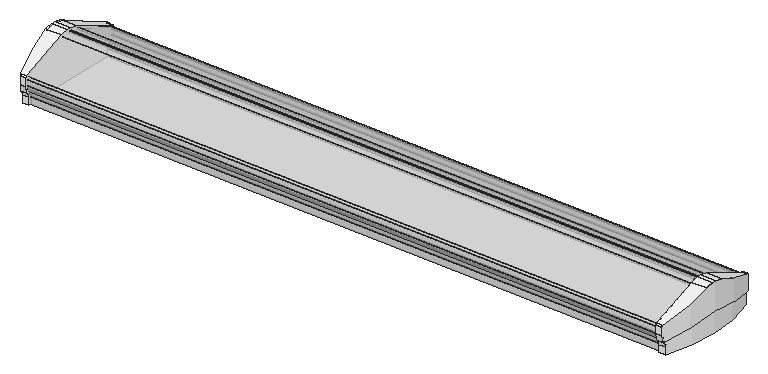
Revit family "0044886 Lighting Fixture_Sylvania_DeltaWing-LED-Electronic_Ceiling Surface", category Lighting Fixtures, host Face, Revit 2017
Family settings
  Host = Face
  Round Connector Dimension = Use Diameter
  Part Type = Normal
  OmniClass Number = 23.80.70.11.17
  OmniClass Title = Specialized Lighting by Location or Use
  Cut with Voids When Loaded = No
  Light Source = Yes
  Shared = No
  Room Calculation Point = No
Parameters (values of type "DELTAWING LED69 DALI 3K 1200")
  Width = 200.0 mm
  Weight = 3.40 kg
  Wattage = 67.8849 W
  built-in parameter 1150110 = 1 (stored number, unit not read)
  Voltage Comments = "UNV (Universal Voltage; 220-240 Volt)"  # constant formula
  Voltage = 230 V  # constant formula
  URL = "http://www.sylvania-lighting.com"
  built-in parameter 1114217 = 1 (stored number, unit not read)
  Tilt Angle = -90.00°
  built-in parameter 1150109 = 1 (stored number, unit not read)
  built-in parameter 1150134 = (empty or 0)
  Ta Rating = "-10°C  to +25°C"  # constant formula
  built-in parameter 1150113 = 1 (stored number, unit not read)
  Product Page URL = "http://www.sylvania-lighting.com/product/en-int/products/0044886"
  Product Family = "DELTAWING LED - ELECTRONIC"  # constant formula
  Photometry Comments = ""
  Photometric Web File = "0044886_DELTAWINGLED69DALI3K1200-198122.ies"
  Life = "50 000h"  # constant formula
  Length = 1218.0 mm
  LOR = "100%"
  Inrush Current (max. quantity per 16A C breaker) = "20"  # constant formula
  IP Rating = "IP44"  # constant formula
  IK Rating = "IK08"  # constant formula
  Height = 85.0 mm
  Glow Wire Test = 850 °C  # constant formula
  Glare Control = "UGR<23"  # constant formula
  Emit from Line Length = Length - 2.0 mm * 29  # 1160.0 mm
  Electrical Protection = "Class I"  # constant formula
  Drive Current = "250mA"  # constant formula
  built-in parameter 1114216 [instance] = 1 (stored number, unit not read)
  Cap Material = Plastic_Sylvania_DeltaWing_White
  Model = "DELTAWING LED69 DALI 3K 1200"
  Manufacturer = "Feilo Sylvania"
  built-in parameter 1150105 = 2007.9 (stored number, unit not read)
  Lumens = 6984 lm
  built-in parameter 1150115 = 1 (stored number, unit not read)
  built-in parameter 1150137 = (empty or 0)
  built-in parameter 1150139 = (empty or 0)
  built-in parameter 1150112 = 1 (stored number, unit not read)
  built-in parameter 1150114 = 1 (stored number, unit not read)
  Lamp = "\tIntegrated LED"  # constant formula
  built-in parameter 1150132 = 2
  built-in parameter 1150102 = (empty or 0)
  built-in parameter 1150107 = 3000 (stored number, unit not read)
  built-in parameter 1150138 = (empty or 0)
  built-in parameter 1150106 = 20.079 (stored number, unit not read)
  CRI (Ra) = "> 80"  # constant formula
  Body Material = Steel_Sylvania_DeltaWing_White
  built-in parameter 1150104 = 9.5579 (stored number, unit not read)
  Dimming Lamp Color Temperature Shift = <None>
  Diffuser Material = Polycarbonate_Sylvania_DeltaWing_Opal_3000K
  Description = "Low profile surface and suspended LED diffuser luminaire DeltaWing LED is perfect to fulfil a wide range of applications, including educational environments, medical buildings, storage facilities and circulation areas including stairwells High performance: delivers up to 7,260lm (luminaire lumen output on 4,000K version), and up to 102lm/W (total system efficiency) Available in neutral white (4,000K) and warm white (3,000K) Smooth Polycarbonate extruded diffuser provides high efficiency, while minimising glare Precision prisms designed to optimise light output and reduce glare Options of non-dimmable, DALI, 3 hour maintained Emergency and Integrated Microwave sensor as standard Integrated Microwave sensor mounted discretely behind the diffuser helps further reduce energy and maintenance bills Suitable for suspended mounting using wire suspension kit (to be ordered seperately) BESA box connection possibility standard on product Long lifetime: 50,000 hours life at 70% of the original output L70 Energy class: A++, A+, A"  # constant formula
  Default Elevation = 0.0 mm
  Color Filter = 16777215
  Catalog Number = "0044886 DELTAWING LED69 DALI 3K 1200"
  built-in parameter 1140040 [instance] = 1
  built-in parameter 1114218 = 1 (stored number, unit not read)
  built-in parameter 1150133 = 10 (stored number, unit not read)
  Assembly Code = "D5020200"
  Apparent Load = 71 VA
Reference planes
  plane 1 "Center (Front/Back)": y = 0
  plane 2 "Fixture Top": z = 0
  plane 3 "Center (Left/Right)": x = 0
  plane 4 "Fixture Left": x = -609
  plane 5 "Fixture Right": x = 609
  plane 6 "Fixture Back": y = 100
  plane 7 "Fixture Front": y = -100
  plane 8 "Cap left": x = -580
  plane 9 "Cap Right": x = 580
  plane 10 "Lamp Plane": z = 22
  plane 11 "Fixture Bottom": z = 85
  plane 12: y = 20
  plane 13: y = -20
Forms (mm)
  Extrusion 1, solid, material "Steel_Sylvania_DeltaWing_White" <- "Body Material", detail levels fine
    sketch origin (0, 0, 0) x (0, 1, 0) y (0, 0, 1)
      loop
        line (-88.5, 0) -> (88.5, 0) -> (88.5, 13.239) -> (90.848, 22) -> (88.777, 22) -> (86.5, 13.502) -> (86.5, 2) -> (-86.5, 2) -> (-86.5, 13.502) -> (-88.777, 22) -> (-90.848, 22) -> (-88.5, 13.239) -> (-88.5, 0)
    from -580 to 580
  Extrusion 2, solid, material "Polycarbonate_Sylvania_DeltaWing_Opal_3000K" <- "Diffuser Material", detail levels fine
    sketch origin (0, 0, 0) x (0, 1, 0) y (0, 0, 1)
      loop
        line (96, 33.502) -> (94.018, 26.104) -> (92.041, 26.455) -> (88.5, 13.239) -> (88.5, 0) -> (90.5, 0) -> (90.5, 12.975) -> (93.498, 24.165) -> (95.475, 23.815) -> (98, 33.238) -> (98, 44.42)
        arc (98, 44.42) -> (97.319, 46.653) -> (95.506, 48.125) r 4
        line (95.506, 48.125) -> (16.971, 80.055)
        arc (16.971, 80.055) -> (9.581, 82.257) -> (1.906, 83) r 40
        line (1.906, 83) -> (-1.906, 83)
        arc (-1.906, 83) -> (-9.581, 82.257) -> (-16.971, 80.055) r 40
        line (-16.971, 80.055) -> (-95.506, 48.125)
        arc (-95.506, 48.125) -> (-97.319, 46.653) -> (-98, 44.42) r 4
        line (-98, 44.42) -> (-98, 33.238) -> (-95.475, 23.815) -> (-93.498, 24.165) -> (-90.5, 12.975) -> (-90.5, 0) -> (-88.5, 0) -> (-88.5, 13.239) -> (-92.041, 26.455) -> (-94.018, 26.104) -> (-96, 33.502) -> (-96, 43.074)
        arc (-96, 43.074) -> (-95.319, 45.307) -> (-93.506, 46.779) r 4
        line (-93.506, 46.779) -> (-15.978, 78.299)
        arc (-15.978, 78.299) -> (-9.922, 80.17) -> (-3.638, 81) r 37.685
        line (-3.638, 81) -> (3.638, 81)
        arc (3.638, 81) -> (9.922, 80.17) -> (15.978, 78.299) r 37.685
        line (15.978, 78.299) -> (93.506, 46.779)
        arc (93.506, 46.779) -> (95.319, 45.307) -> (96, 43.074) r 4
        line (96, 43.074) -> (96, 33.502)
    from -580 to 580
  Extrusion 3, solid, material "Steel_Sylvania_DeltaWing_White" <- "Body Material", detail levels coarse+medium
    sketch origin (0, 0, 0) x (0, 1, 0) y (0, 0, 1)
      loop
        line (-16.971, 80.055) -> (-95.506, 48.125)
        arc (-95.506, 48.125) -> (-97.319, 46.653) -> (-98, 44.42) r 4
        line (-98, 44.42) -> (-98, 33.238) -> (-95.475, 23.815) -> (-93.498, 24.165) -> (-90.5, 12.975) -> (-90.5, 0) -> (90.5, 0) -> (90.5, 12.975) -> (93.498, 24.165) -> (95.475, 23.815) -> (98, 33.238) -> (98, 44.42)
        arc (98, 44.42) -> (97.319, 46.653) -> (95.506, 48.125) r 4
        line (95.506, 48.125) -> (16.971, 80.055)
        arc (16.971, 80.055) -> (9.581, 82.257) -> (1.906, 83) r 40
        line (1.906, 83) -> (-1.906, 83)
        arc (-1.906, 83) -> (-9.581, 82.257) -> (-16.971, 80.055) r 40
    from -580 to 580
Dimensions and locks
  equal spacing: plane 4 "Fixture Left", plane 3 "Center (Left/Right)", plane 5 "Fixture Right"
  "Length": plane 4 "Fixture Left" to plane 5 "Fixture Right"
  locked: plane 4 "Fixture Left" to plane 8 "Cap left" at 29
  locked: plane 9 "Cap Right" to plane 5 "Fixture Right" at 29
  "Height": plane 11 "Fixture Bottom" to plane 2 "Fixture Top"
  equal spacing: plane 6 "Fixture Back", plane 1 "Center (Front/Back)", plane 7 "Fixture Front"
  "Width": plane 6 "Fixture Back" to plane 7 "Fixture Front"
  equal spacing: plane 12, plane 1 "Center (Front/Back)", plane 13
  locked: Extrusion 1 sketch curve to Extrusion 1 sketch curve at 2
  locked: plane 10 "Lamp Plane" to Extrusion 1 sketch curve at 8.498  (x2)
  aligned and locked: level to host face
  aligned and locked: nested 1 to plane 1 "Center (Front/Back)"
  aligned and locked: nested 1 to plane 5 "Fixture Right"
  aligned and locked: nested 2 to plane 4 "Fixture Left"
  aligned and locked: plane 2 "Fixture Top" to Extrusion 1 sketch curve
  aligned and locked: Extrusion 1 to plane 8 "Cap left"
  aligned and locked: plane 9 "Cap Right" to Extrusion 1
  aligned and locked: Extrusion 2 to plane 8 "Cap left"
  aligned and locked: plane 9 "Cap Right" to Extrusion 2
  aligned and locked: Extrusion 3 sketch curve to Extrusion 2  (x2)
  aligned and locked: Extrusion 3 to plane 8 "Cap left"
  aligned and locked: plane 9 "Cap Right" to Extrusion 3
  aligned and locked: plane 2 "Fixture Top" to nested 2
  aligned and locked: nested 1 to plane 2 "Fixture Top"
  aligned and locked: plane 10 "Lamp Plane" to Extrusion 1 sketch curve  (x2)
  aligned and locked: Extrusion 3 sketch curve to plane 2 "Fixture Top"
  aligned and locked: plane 2 "Fixture Top" to Extrusion 2 sketch curve
  aligned and locked: Extrusion 2 sketch curve to plane 2 "Fixture Top"
  aligned and locked: imposter light to plane 1 "Center (Front/Back)"
  aligned and locked: plane 3 "Center (Left/Right)" to imposter light
  aligned and locked: plane 11 "Fixture Bottom" to imposter light
Automatic sketch dimensions
  host sketch curve to host sketch curve = 1713.741 mm
  host sketch curve to host sketch curve = 1283.632 mm
  plane 7 "Fixture Front" to Extrusion 2 sketch curve = 2.0 mm
  Extrusion 2 sketch curve to plane 10 "Lamp Plane" = 9.025 mm  (x2)
  Extrusion 2 sketch curve to Extrusion 2 sketch curve = 2.0 mm  (x8)
  Extrusion 2 sketch curve to Extrusion 2 sketch curve = 2.494 mm
  plane 10 "Lamp Plane" to Extrusion 2 sketch curve = 1.815 mm  (x2)
  plane 7 "Fixture Front" to Extrusion 2 sketch curve = 4.525 mm
  Extrusion 2 sketch curve to Extrusion 2 sketch curve = 1.457 mm  (x2)
  plane 10 "Lamp Plane" to Extrusion 2 sketch curve = 2.165 mm  (x2)
  Extrusion 2 sketch curve to Extrusion 2 sketch curve = 0.52 mm
  Extrusion 2 sketch curve to Extrusion 2 sketch curve = 1.977 mm  (x3)
  plane 7 "Fixture Front" to Extrusion 2 sketch curve = 9.5 mm
  plane 13 to Extrusion 2 sketch curve = 3.029 mm
  Extrusion 2 sketch curve to Extrusion 2 sketch curve = 0.993 mm  (x2)
  plane 1 "Center (Front/Back)" to Extrusion 2 sketch curve = 3.638 mm
  plane 1 "Center (Front/Back)" to Extrusion 2 sketch curve = 1.906 mm
  Extrusion 2 sketch curve to plane 1 "Center (Front/Back)" = 1.906 mm
  Extrusion 2 sketch curve to Extrusion 2 sketch curve = 1.732 mm
  plane 12 to Extrusion 2 sketch curve = 4.022 mm
  Extrusion 2 sketch curve to plane 6 "Fixture Back" = 11.5 mm
  Extrusion 2 sketch curve to plane 6 "Fixture Back" = 7.959 mm
  Extrusion 2 sketch curve to plane 6 "Fixture Back" = 6.494 mm
  Extrusion 2 sketch curve to plane 6 "Fixture Back" = 4.0 mm
  Extrusion 2 sketch curve to plane 6 "Fixture Back" = 2.0 mm
  Extrusion 2 sketch curve to Extrusion 2 sketch curve = 0.041 mm  (x2)
  Extrusion 2 sketch curve to Extrusion 2 sketch curve = 1.506 mm
  Extrusion 2 sketch curve to Extrusion 2 sketch curve = 0.494 mm
  Extrusion 2 sketch curve to Extrusion 2 sketch curve = 0.263 mm  (x4)
  Extrusion 2 sketch curve to Extrusion 2 sketch curve = 1.939 mm  (x2)
  Extrusion 2 sketch curve to Extrusion 2 sketch curve = 0.351 mm  (x2)
  Extrusion 2 sketch curve to Extrusion 2 sketch curve = 7.134 mm  (x2)
  Extrusion 2 sketch curve to Extrusion 2 sketch curve = 9.572 mm  (x2)
  Extrusion 2 sketch curve to Extrusion 2 sketch curve = 1.346 mm  (x2)
  Extrusion 2 sketch curve to plane 11 "Fixture Bottom" = 6.701 mm
  Extrusion 2 sketch curve to Extrusion 2 sketch curve = 0.0 mm
  Extrusion 2 sketch curve to Extrusion 2 sketch curve = 1.755 mm  (x2)
  Extrusion 2 sketch curve to Extrusion 2 sketch curve = 2.701 mm
  Extrusion 1 sketch curve to Extrusion 1 sketch curve = 2.0 mm  (x2)
  Extrusion 1 sketch curve to Extrusion 1 sketch curve = 0.263 mm  (x2)
  Extrusion 1 sketch curve to Extrusion 1 sketch curve = 2.071 mm  (x2)
  plane 7 "Fixture Front" to Extrusion 1 sketch curve = 9.152 mm
  plane 13 to Extrusion 3 sketch curve = 3.029 mm
  Extrusion 3 sketch curve to Extrusion 3 sketch curve = 1.506 mm  (x2)
  Extrusion 3 sketch curve to Extrusion 3 sketch curve = 11.181 mm  (x2)
  plane 10 "Lamp Plane" to Extrusion 3 sketch curve = 1.815 mm  (x2)
  plane 7 "Fixture Front" to Extrusion 3 sketch curve = 4.525 mm
  plane 10 "Lamp Plane" to Extrusion 3 sketch curve = 2.165 mm  (x2)
  Extrusion 3 sketch curve to Extrusion 3 sketch curve = 1.977 mm  (x2)
  plane 7 "Fixture Front" to Extrusion 3 sketch curve = 9.5 mm
  Extrusion 3 sketch curve to plane 10 "Lamp Plane" = 9.025 mm  (x2)
  plane 1 "Center (Front/Back)" to Extrusion 3 sketch curve = 1.906 mm
  plane 10 "Lamp Plane" to Extrusion 3 sketch curve = 21.0 mm
  plane 12 to Extrusion 3 sketch curve = 3.029 mm
  Extrusion 3 sketch curve to plane 1 "Center (Front/Back)" = 1.906 mm
  Extrusion 3 sketch curve to plane 6 "Fixture Back" = 4.494 mm
  Extrusion 3 sketch curve to Extrusion 3 sketch curve = 0.0 mm
  plane 10 "Lamp Plane" to Extrusion 3 sketch curve = 26.125 mm
  Extrusion 3 sketch curve to plane 6 "Fixture Back" = 2.0 mm
  Extrusion 3 sketch curve to plane 6 "Fixture Back" = 4.525 mm
  Extrusion 3 sketch curve to plane 6 "Fixture Back" = 9.5 mm
  Extrusion 1 sketch curve to plane 6 "Fixture Back" = 11.223 mm
  plane 7 "Fixture Front" to Extrusion 1 sketch curve = 11.5 mm
  Extrusion 1 sketch curve to plane 6 "Fixture Back" = 13.5 mm
Nested families
  nested 1: "Cap" at (580, 0, 0) x (0, 1, 0) z (0, 0, 1), type "Type"
  nested 2: "Cap" at (-580, 0, 0) x (0, 1, 0) z (0, 0, 1), type "Type"
Connectors
  electrical at (0, 0, 0), driven by "Voltage", driven by "Apparent Load"
    settings: on Extrusion 1, index 1, voltage 230 V, apparent load 0 VA, apparent load phase1 71 VA, apparent load phase2 0 VA, apparent load phase3 0 VA, power factor 1, load classification "Lighting", number of poles 1, system type 31, power factor state 1, is connector primary yes, connector utility no, sub classification motor no, connector description ""
Definition of nested family "Cap"
  Parameters
    Height = 85.0 mm
    Width = 200.0 mm
    Default Elevation = 0.0 mm
    Cap Material = none
  Reference planes
    plane 1 "Center (Front/Back)": y = 0
    plane 2: z = 0
    plane 3 "Center (Left/Right)": x = 0
    plane 4: x = 100
    plane 5: x = -100
    plane 6: y = -29
    plane 7: y = -10
    plane 8: z = 85
    plane 9: z = 17
    plane 10: z = 22
    plane 11: z = 37
  Forms (mm)
    Extrusion 1, solid, material <- "Cap Material"
      sketch origin (0, 0, 0) x (1, 0, 0) y (0, 1, 0)
        loop
          line (-100, 0) -> (-100, -10)
          arc (-100, -10) -> (0, -28.818) -> (100, -10) r 275.114
          line (100, -10) -> (100, 0) -> (-100, 0)
      from 0 to 85
    Extrusion 2, void
      sketch origin (0, 0, 0) x (1, 0, 0) y (0, 0, 1)
        loop
          line (-92.5, 0) -> (-92.5, 12.712) -> (-94.955, 21.876) -> (-96.887, 21.358) -> (-101.913, 40.115)
          arc (-101.913, 40.115) -> (-101.345, 45.755) -> (-97.183, 49.603) r 8
          line (-97.183, 49.603) -> (-17.481, 82.006)
          arc (-17.481, 82.006) -> (-8.901, 84.444) -> (0, 85) r 41.685
          arc (0, 85) -> (8.901, 84.444) -> (17.481, 82.006) r 41.685
          line (17.481, 82.006) -> (97.183, 49.603)
          arc (97.183, 49.603) -> (101.345, 45.755) -> (101.913, 40.115) r 8
          line (101.913, 40.115) -> (96.887, 21.358) -> (94.955, 21.876) -> (92.5, 12.712) -> (92.5, 0) -> (117.5, 0) -> (117.5, 106.013) -> (-117.5, 106.013) -> (-117.5, 0) -> (-92.5, 0)
      from 0 to 250
    Extrusion 3, void
      sketch origin (0, 0, 0) x (1, 0, 0) y (0, 0, 1)
        loop
          line (-94.955, 21.876) -> (-100, 20.524) -> (-100, 0) -> (100, 0) -> (100, 20.524) -> (94.955, 21.876) -> (10.419, 36.87)
          arc (10.419, 36.87) -> (0, 37.781) -> (-10.419, 36.87) r 60
          line (-10.419, 36.87) -> (-94.955, 21.876)
      from -68.585 to 250
    Extrusion 4, solid, material <- "Cap Material"
      sketch origin (0, 0, 0) x (1, 0, 0) y (0, 1, 0)
        loop
          line (-100, 0) -> (-100, -9.525)
          arc (-100, -9.525) -> (0.169, -27.445) -> (100, -7.727) r 275.114
          line (100, -7.727) -> (100, 0) -> (-100, 0)
      from 0 to 85
    Extrusion 5, void
      sketch origin (0, 0, 0) x (1, 0, 0) y (0, 0, 1)
        loop
          line (-92.5, 0) -> (-92.5, 12.712) -> (-94.955, 21.876) -> (-96.887, 21.358) -> (-101.913, 40.115)
          arc (-101.913, 40.115) -> (-101.345, 45.755) -> (-97.183, 49.603) r 8
          line (-97.183, 49.603) -> (-17.481, 82.006)
          arc (-17.481, 82.006) -> (-8.901, 84.444) -> (0, 85) r 41.685
          arc (0, 85) -> (8.901, 84.444) -> (17.481, 82.006) r 41.685
          line (17.481, 82.006) -> (97.183, 49.603)
          arc (97.183, 49.603) -> (101.345, 45.755) -> (101.913, 40.115) r 8
          line (101.913, 40.115) -> (96.887, 21.358) -> (94.955, 21.876) -> (92.5, 12.712) -> (92.5, 0) -> (117.5, 0) -> (117.5, 106.013) -> (-117.5, 106.013) -> (-117.5, 0) -> (-92.5, 0)
      from 0 to 250
  Cuts and joins
    Extrusion 2, Extrusion 3, Extrusion 5 cuts Extrusion 1
    Extrusion 5 cuts Extrusion 4
    joined: Extrusion 1, Extrusion 4
  Dimensions and locks
    equal spacing: plane 5, plane 3 "Center (Left/Right)", plane 4
    "Width": plane 5 to plane 4
    locked: plane 1 "Center (Front/Back)" to plane 6 at 29
    plane 1 "Center (Front/Back)" to plane 7 = 10.0 mm
    "Height": plane 8 to level
    plane 9 to plane 2 = 17.0 mm
    plane 10 to plane 9 = 5.0 mm
    Extrusion 2 sketch curve to plane 5 = 7.5 mm
    aligned and locked: level to plane 2
    aligned and locked: plane 1 "Center (Front/Back)" to Extrusion 1 sketch curve
    aligned and locked: Extrusion 1 sketch curve to plane 5
    aligned and locked: Extrusion 1 sketch curve to plane 4
    aligned and locked: plane 7 to Extrusion 1 sketch curve  (x2)
    aligned and locked: Extrusion 1 to plane 2
    aligned and locked: plane 8 to Extrusion 1
  Automatic sketch dimensions
    Extrusion 1 sketch curve to plane 1 "Center (Front/Back)" = 246.296 mm
    Extrusion 2 sketch curve to plane 5 = 17.5 mm
    Extrusion 2 sketch curve to plane 9 = 4.288 mm
    Extrusion 2 sketch curve to plane 3 "Center (Left/Right)" = 0.0 mm
    Extrusion 2 sketch curve to plane 8 = 0.0 mm
    Extrusion 2 sketch curve to plane 5 = 1.913 mm
    plane 5 to Extrusion 2 sketch curve = 2.817 mm
    plane 10 to Extrusion 2 sketch curve = 0.642 mm  (x2)
    plane 5 to Extrusion 2 sketch curve = 3.113 mm
    plane 10 to Extrusion 2 sketch curve = 0.124 mm  (x2)
    Extrusion 2 sketch curve to plane 8 = 2.994 mm  (x2)
    Extrusion 2 sketch curve to plane 3 "Center (Left/Right)" = 17.481 mm
    plane 3 "Center (Left/Right)" to Extrusion 2 sketch curve = 17.481 mm
    Extrusion 2 sketch curve to plane 4 = 7.5 mm
    Extrusion 2 sketch curve to plane 4 = 5.045 mm
    Extrusion 2 sketch curve to Extrusion 2 sketch curve = 1.932 mm
    Extrusion 2 sketch curve to plane 4 = 2.817 mm
    plane 4 to Extrusion 2 sketch curve = 1.913 mm
    plane 4 to Extrusion 2 sketch curve = 17.5 mm
    plane 5 to Extrusion 2 sketch curve = 5.814 mm
    Extrusion 2 sketch curve to plane 3 "Center (Left/Right)" = 1.865 mm
    plane 3 "Center (Left/Right)" to Extrusion 2 sketch curve = 1.865 mm
    Extrusion 2 sketch curve to plane 4 = 5.814 mm
    Extrusion 2 sketch curve to Extrusion 2 sketch curve = 9.488 mm  (x2)
    plane 8 to Extrusion 2 sketch curve = 21.013 mm
    Extrusion 2 sketch curve to level = 0.0 mm  (x2)
    Extrusion 3 sketch curve to plane 3 "Center (Left/Right)" = 0.0 mm
    plane 10 to Extrusion 3 sketch curve = 0.124 mm  (x2)
    Extrusion 3 sketch curve to plane 3 "Center (Left/Right)" = 10.419 mm
    plane 3 "Center (Left/Right)" to Extrusion 3 sketch curve = 10.419 mm
    plane 11 to Extrusion 3 sketch curve = 0.13 mm
    plane 10 to Extrusion 3 sketch curve = 1.476 mm  (x2)
    Extrusion 3 sketch curve to level = 0.0 mm
    Extrusion 3 sketch curve to plane 5 = 0.0 mm
    Extrusion 3 sketch curve to Extrusion 3 sketch curve = 22.219 mm
    plane 5 to Extrusion 3 sketch curve = 5.045 mm
    Extrusion 3 sketch curve to plane 4 = 5.045 mm
    plane 4 to Extrusion 3 sketch curve = 0.0 mm
    plane 1 "Center (Front/Back)" to Extrusion 4 sketch curve = 0.0 mm
    Extrusion 4 sketch curve to plane 5 = 0.0 mm
    Extrusion 4 sketch curve to plane 4 = 0.0 mm
    plane 7 to Extrusion 4 sketch curve = 2.273 mm
    plane 7 to Extrusion 4 sketch curve = 0.475 mm
    Extrusion 4 sketch curve to plane 1 "Center (Front/Back)" = 247.658 mm
    Extrusion 5 sketch curve to level = 0.0 mm  (x2)
    Extrusion 5 sketch curve to plane 5 = 17.5 mm
    Extrusion 5 sketch curve to plane 9 = 4.288 mm  (x2)
    Extrusion 5 sketch curve to plane 3 "Center (Left/Right)" = 0.0 mm
    Extrusion 5 sketch curve to plane 8 = 0.0 mm
    Extrusion 5 sketch curve to plane 5 = 1.913 mm
    plane 5 to Extrusion 5 sketch curve = 2.817 mm
    plane 10 to Extrusion 5 sketch curve = 0.642 mm  (x2)
    plane 5 to Extrusion 5 sketch curve = 3.113 mm
    plane 10 to Extrusion 5 sketch curve = 0.124 mm  (x2)
    Extrusion 5 sketch curve to Extrusion 5 sketch curve = 1.932 mm
    Extrusion 5 sketch curve to plane 8 = 2.994 mm  (x2)
    Extrusion 5 sketch curve to plane 3 "Center (Left/Right)" = 17.481 mm
    plane 3 "Center (Left/Right)" to Extrusion 5 sketch curve = 17.481 mm
    Extrusion 5 sketch curve to plane 4 = 7.5 mm
    Extrusion 5 sketch curve to plane 4 = 5.045 mm
    Extrusion 5 sketch curve to plane 4 = 2.817 mm
    plane 4 to Extrusion 5 sketch curve = 1.913 mm
    plane 4 to Extrusion 5 sketch curve = 17.5 mm
    plane 5 to Extrusion 5 sketch curve = 5.814 mm
    Extrusion 5 sketch curve to plane 3 "Center (Left/Right)" = 1.865 mm
    plane 3 "Center (Left/Right)" to Extrusion 5 sketch curve = 1.865 mm
    Extrusion 5 sketch curve to plane 4 = 5.814 mm
    Extrusion 5 sketch curve to Extrusion 5 sketch curve = 9.488 mm  (x2)
    plane 8 to Extrusion 5 sketch curve = 21.013 mm
